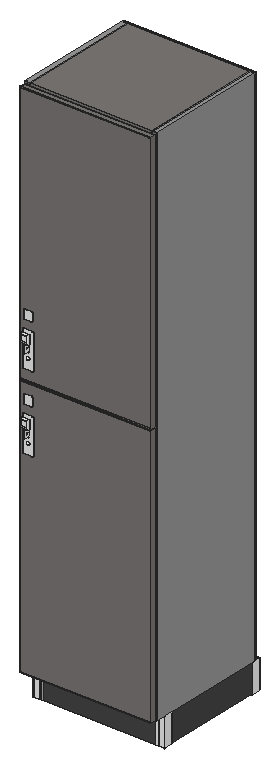
Revit family "Wood_Lockers_Hasps-Salsbury_Industries-18_42000_Series-1_Wide_Units", category Specialty Equipment, Revit 2026 (continued)
Definition of nested family "Premier Locker Doors_Hasp"
  Dimensions and locks (in)
    aligned and locked: Extrusion 15 to plane 22 "Front of Hasp Stud"
    aligned and locked: Extrusion 15 to plane 50 "Stud Alignment"
    aligned and locked: Blend 17 to plane 39 "Front of Knob"
    aligned and locked: plane 38 "Inner Knob" to Blend 17
    aligned and locked: plane 6 "Back of Door" to Extrusion 18 sketch curve
    aligned and locked: plane 56 "Front of Latch" to Extrusion 18 sketch curve
    aligned and locked: Extrusion 18 to plane 57
    aligned and locked: plane 58 to Extrusion 18
    aligned and locked: plane 59 to cut or joined group of Extrusion 18, Extrusion 19
    aligned and locked: Extrusion 13 sketch curve to plane 61  (x2)
    aligned and locked: Extrusion 13 sketch curve to plane 62  (x2)
  Automatic sketch dimensions
    Extrusion 1 sketch curve to plane 4 "Left Side of Door" = 0.031"
    plane 5 "Right Side of Door" to Extrusion 1 sketch curve = 0.031"
    level to Extrusion 1 sketch curve = 0.031"
    plane 9 "Top of Door" to Extrusion 1 sketch curve = 0.031"
    Extrusion 2 sketch curve to plane 4 "Left Side of Door" = 0.031"
    plane 5 "Right Side of Door" to Extrusion 2 sketch curve = 0.031"
    level to Extrusion 2 sketch curve = 0.031"
    plane 9 "Top of Door" to Extrusion 2 sketch curve = 0.031"
    Extrusion 3 sketch curve to plane 4 "Left Side of Door" = 0.031"
    plane 5 "Right Side of Door" to Extrusion 3 sketch curve = 0.031"
    level to Extrusion 3 sketch curve = 0.031"
    plane 9 "Top of Door" to Extrusion 3 sketch curve = 0.031"
    plane 23 "Left Side of Door-Right Side of Trim" to Sweep 4 sketch curve = 0.000"
    plane 24 "Right Side of Door-Left Side of Trim" to Sweep 4 sketch curve = 0.000"  (x2)
    Sweep 4 sketch curve to plane 26 "Bottom of Door-Top of Trim" = 0.000"
    Sweep 4 sketch curve to plane 25 "Top of Door-Bottom of Trim" = 0.000"
    profile plane to Sweep 4 sketch curve = 0.125"
    Sweep 4 sketch curve to Sweep 4 sketch curve = 0.031"
    Sweep 4 sketch curve to plane 1 "Center (Front/Back)" = 0.375"
    plane 1 "Center (Front/Back)" to Sweep 4 sketch curve = 0.375"
    Extrusion 7 sketch curve to plane 33 = 0.000"
    Extrusion 7 sketch curve to plane 34 = 0.000"
    plane 36 to Extrusion 8 sketch curve = 0.000"
    Extrusion 8 sketch curve to Extrusion 8 sketch curve = 0.500"
    plane 35 "Top Hinge" to Extrusion 8 sketch curve = 0.250"
    Extrusion 8 sketch curve to plane 35 "Top Hinge" = 0.250"
    plane 36 to Extrusion 9 sketch curve = 0.000"
    Extrusion 9 sketch curve to Extrusion 9 sketch curve = 0.500"
    plane 37 "Bottom Hinge" to Extrusion 9 sketch curve = 0.250"
    Extrusion 9 sketch curve to plane 37 "Bottom Hinge" = 0.250"
    plane 36 to Extrusion 10 sketch curve = 0.000"
    Extrusion 10 sketch curve to Extrusion 10 sketch curve = 0.500"
    curve 4 to level = 0.000"
    plane 4 "Left Side of Door" to curve 4 = 0.000"
    plane 5 "Right Side of Door" to curve 3 = 0.000"
    curve 3 to plane 9 "Top of Door" = 0.000"
    Extrusion 5 sketch curve to plane 13 "Left Side of Number Tag" = 0.000"
    Extrusion 5 sketch curve to plane 12 "Bottom of Number Tag" = 0.000"
    Extrusion 5 sketch curve to plane 11 "Top of Number Tag" = 0.000"
    Extrusion 5 sketch curve to plane 14 "Right Side of Number Tag" = 0.000"
    Extrusion 6 sketch curve to plane 13 "Left Side of Number Tag" = 0.000"
    Extrusion 6 sketch curve to plane 12 "Bottom of Number Tag" = 0.000"
    Extrusion 6 sketch curve to plane 11 "Top of Number Tag" = 0.000"
    Extrusion 6 sketch curve to plane 14 "Right Side of Number Tag" = 0.000"
    Extrusion 11 sketch curve to plane 13 "Left Side of Number Tag" = 0.125"
    Extrusion 10 sketch curve to plane 10 "Center of Door" = 0.250"
    plane 10 "Center of Door" to Extrusion 10 sketch curve = 0.250"
    Extrusion 11 sketch curve to plane 21 "Bottom of Lock" = 0.125"
    plane 13 "Left Side of Number Tag" to Extrusion 5 sketch curve = 0.14916"
    Extrusion 5 sketch curve to Extrusion 5 sketch curve = 0.14916"  (x2)
    plane 13 "Left Side of Number Tag" to Extrusion 6 sketch curve = 0.14916"
    Extrusion 6 sketch curve to plane 12 "Bottom of Number Tag" = 0.14916"
    plane 13 "Left Side of Number Tag" to Extrusion 11 sketch curve = 0.000"  (x2)
    Extrusion 5 sketch curve to plane 12 "Bottom of Number Tag" = 0.14916"
    Extrusion 6 sketch curve to plane 14 "Right Side of Number Tag" = 0.14916"  (x2)
    plane 14 "Right Side of Number Tag" to Extrusion 11 sketch curve = 0.000"  (x2)
    Extrusion 12 sketch curve to plane 17 "Left Side of Lock" = 0.000"
    plane 13 "Left Side of Number Tag" to Extrusion 12 sketch curve = 0.000"  (x2)
    plane 14 "Right Side of Number Tag" to Extrusion 12 sketch curve = 0.000"  (x2)
    Extrusion 12 sketch curve to plane 20 "Top of Lock" = 0.000"
    Extrusion 12 sketch curve to plane 18 "Right Side of Lock" = 0.000"
    Extrusion 12 sketch curve to plane 21 "Bottom of Lock" = 0.125"
    plane 15 "Horizontal Center of Number Tag" to Sweep 14 sketch curve = 0.000"
    Sweep 14 sketch curve to plane 50 "Stud Alignment" = 0.000"
    Sweep 14 sketch curve to plane 7 "Front of Door" = 0.000"
    Sweep 14 sketch curve to profile plane = 0.000"
    profile plane to Sweep 14 sketch curve = 0.00168"
    profile plane to Sweep 14 sketch curve = 0.156"
    Sweep 14 sketch curve to plane 7 "Front of Door" = 0.03275"
    Extrusion 15 sketch curve to Extrusion 15 sketch curve = 0.000"  (x2)
    Extrusion 15 sketch curve to plane 50 "Stud Alignment" = 0.000"
    plane 15 "Horizontal Center of Number Tag" to Extrusion 15 sketch curve = 0.000"
    plane 15 "Horizontal Center of Number Tag" to Extrusion 15 sketch curve = 0.010"
    plane 13 "Left Side of Number Tag" to Sweep 16 sketch curve = 0.000"
    plane 14 "Right Side of Number Tag" to Sweep 16 sketch curve = 0.000"
    Sweep 16 sketch curve to plane 45 = 0.000"
    Sweep 16 sketch curve to plane 42 = 0.000"
    Sweep 16 sketch curve to plane 7 "Front of Door" = 0.000"
    profile plane to Sweep 16 sketch curve = 0.000"
    profile plane to Sweep 16 sketch curve = 0.22043"
    Sweep 16 sketch curve to Sweep 16 sketch curve = 0.01681"
    profile plane to Sweep 16 sketch curve = 0.33926"
    Sweep 16 sketch curve to Sweep 16 sketch curve = 0.14344"
    Sweep 16 sketch curve to Sweep 16 sketch curve = 0.15329"
    Sweep 16 sketch curve to Sweep 16 sketch curve = 0.59563"
    Sweep 16 sketch curve to Sweep 16 sketch curve = 0.24142"
    Sweep 16 sketch curve to Sweep 16 sketch curve = 0.00858"
    Sweep 16 sketch curve to Sweep 16 sketch curve = 0.51788"
    Sweep 16 sketch curve to Sweep 16 sketch curve = 0.31119"
    Sweep 16 sketch curve to Sweep 16 sketch curve = 0.11721"
    Sweep 16 sketch curve to Sweep 16 sketch curve = 0.01742"
    Sweep 16 sketch curve to Sweep 16 sketch curve = 0.06553"
    Sweep 16 sketch curve to Sweep 16 sketch curve = 0.000"
    Blend 17 sketch curve to plane 54 = 0.000"
    Blend 17 sketch curve to plane 55 = 0.000"
    Blend 17 sketch curve to plane 47 = 0.21496"
    plane 48 to Blend 17 sketch curve = 0.21496"
    plane 54 to Blend 17 sketch curve = 0.03267"
    Blend 17 sketch curve to plane 40 = 0.00461"
    Blend 17 sketch curve to plane 47 = 0.18235"
    plane 48 to Blend 17 sketch curve = 0.18227"
    Extrusion 18 sketch curve to plane 57 = 0.000"
    Extrusion 18 sketch curve to plane 58 = 0.000"
    plane 59 to Extrusion 19 sketch curve = 0.000"
    Extrusion 19 sketch curve to plane 22 "Front of Hasp Stud" = 0.16637"
    curve 29 to plane 14 "Right Side of Number Tag" = 0.000"
    curve 29 to plane 20 "Top of Lock" = 0.000"
    curve 30 to plane 18 "Right Side of Lock" = 0.000"
    curve 29 to plane 13 "Left Side of Number Tag" = 0.000"
    curve 31 to plane 42 = 0.000"
    curve 32 to plane 21 "Bottom of Lock" = 0.125"
    curve 34 to plane 14 "Right Side of Number Tag" = 0.000"
    curve 35 to plane 13 "Left Side of Number Tag" = 0.000"
    plane 15 "Horizontal Center of Number Tag" to curve 37 = 0.000"
    plane 47 to curve 37 = 0.000"
    plane 57 to curve 37 = 0.0599"
    curve 39 to plane 58 = 0.0661"
    curve 42 to plane 14 "Right Side of Number Tag" = 0.000"
    curve 41 to plane 13 "Left Side of Number Tag" = 0.000"
    curve 41 to plane 45 = 0.000"
    curve 43 to plane 42 = 0.000"
    curve 46 to plane 57 = 0.000"
    curve 46 to plane 15 "Horizontal Center of Number Tag" = 0.063"
    plane 15 "Horizontal Center of Number Tag" to curve 45 = 0.063"
    curve 47 to plane 58 = 0.000"
    curve 15 to plane 6 "Back of Door" = 0.000"
    plane 9 "Top of Door" to curve 15 = 0.000"
    plane 57 to curve 49 = 0.000"
    curve 51 to plane 56 "Front of Latch" = 0.000"
    plane 58 to curve 51 = 0.000"
    curve 17 to level = 0.000"
    plane 59 to curve 52 = 0.000"
    curve 53 to plane 22 "Front of Hasp Stud" = 0.16637"
    plane 7 "Front of Door" to curve 53 = 0.04137"
    plane 53 to curve 54 = 0.05633"
    curve 54 to plane 22 "Front of Hasp Stud" = 0.11642"
    plane 55 to curve 55 = 0.00161"
    curve 55 to plane 40 = 0.00465"
    plane 45 to curve 56 = 0.000"
    curve 56 to plane 39 "Front of Knob" = 0.01788"
    curve 56 to plane 40 = 0.08926"
    plane 55 to curve 57 = 0.000"
    curve 57 to plane 40 = 0.03757"
    plane 39 "Front of Knob" to curve 57 = 0.004"
    plane 42 to curve 60 = 0.000"
    curve 58 to plane 39 "Front of Knob" = 0.000"
    plane 54 to curve 58 = 0.000"
    plane 54 to curve 59 = 0.000"
    plane 55 to curve 58 = 0.000"
    curve 60 to plane 39 "Front of Knob" = 0.01788"
    curve 60 to plane 52 = 0.09774"
    plane 54 to curve 60 = 0.03261"
    plane 56 "Front of Latch" to curve 59 = 0.02711"
    plane 54 to curve 59 = 0.06553"
    plane 39 "Front of Knob" to curve 59 = 0.004"
    curve 61 to plane 54 = 0.00161"
    curve 61 to plane 22 "Front of Hasp Stud" = 0.11642"
    plane 6 "Back of Door" to curve 9 = 0.000"
    curve 6 to plane 4 "Left Side of Door" = 0.000"
    plane 7 "Front of Door" to curve 6 = 0.000"
    plane 7 "Front of Door" to curve 28 = 0.000"
    curve 67 to plane 14 "Right Side of Number Tag" = 0.000"
    curve 65 to plane 13 "Left Side of Number Tag" = 0.000"
    curve 66 to plane 39 "Front of Knob" = 0.000"
    curve 28 to plane 17 "Left Side of Lock" = 0.000"
    curve 28 to plane 18 "Right Side of Lock" = 0.000"
    curve 8 to plane 5 "Right Side of Door" = 0.000"
    curve 64 to plane 22 "Front of Hasp Stud" = 0.11642"
    curve 69 to plane 22 "Front of Hasp Stud" = 0.11642"
    curve 68 to plane 39 "Front of Knob" = 0.01788"
    curve 65 to plane 39 "Front of Knob" = 0.01788"
    curve 14 to plane 23 "Left Side of Door-Right Side of Trim" = 0.07537"
    plane 48 to curve 64 = 0.21657"
    plane 48 to curve 65 = 0.09774"
    plane 48 to curve 63 = 0.05633"
    curve 70 to plane 47 = 0.05633"
    curve 68 to plane 47 = 0.09774"
    curve 69 to curve 69 = 0.16024"
    curve 64 to curve 65 = 0.15655"
    curve 69 to curve 68 = 0.15655"
    plane 39 "Front of Knob" to curve 67 = 0.004"
    plane 33 to curve 14 = 0.250"
    curve 66 to curve 65 = 0.11721"
    curve 67 to plane 47 = 0.14943"
    curve 68 to curve 66 = 0.11721"
    curve 67 to curve 66 = 0.000"
    plane 39 "Front of Knob" to curve 71 = 0.004"
    curve 71 to curve 66 = 0.000"
    plane 48 to curve 71 = 0.14943"
    plane 1 "Center (Front/Back)" to curve 73 = 0.000"
    curve 73 to plane 4 "Left Side of Door" = 0.000"
    curve 73 to plane 60 = 0.000"
    plane 48 to Extrusion 13 sketch curve = 0.000"
    plane 15 "Horizontal Center of Number Tag" to Extrusion 13 sketch curve = 0.000"
    radius of Extrusion 7 sketch curve = 0.250"
    radius of Sweep 14 sketch curve = 0.010"
    radius of Extrusion 19 sketch curve = 0.250"
Definition of nested family "Wood Locker Bases"
  Parameters (values of type "Base - 18" W x 18" D Lockers")
    Width = 18.000"
    Visible Base = yes
    Visible = no
    Model = "Base - 18\" W x 18\" D Lockers"
    Manufacturer = "Salsbury Industries"
    Height = 4.000"
    Depth = 16.250"
    Default Elevation = 0.000"
    Base Secondary Material = none
    Base Primary Materials = none
    Base Hardware = none
  Types (8): name | Width | Visible Base | Visible | Model | Depth
    (no name) | 18.000" | yes | no | "Base - 18\" W x 18\" D Lockers" | 16.250"
    Base - 18" W x 18" D Lockers | 18.000" | yes | no | "Base - 18\" W x 18\" D Lockers" | 16.250"
    Base - 18" W x 21" D Lockers | 18.000" | yes | no | "Base - 18\" W x 21\" D Lockers" | 19.250"
    Base - 18" W x 24" D Lockers | 18.000" | yes | no | "Base - 18\" W x 24\" D Lockers" | 22.250"
    Base - 54" W x 18" D Lockers | 54.000" | yes | yes | "Base - 54\" W x 18\" D Lockers" | 16.250"
    Base - 54" W x 21" D Lockers | 54.000" | yes | yes | "Base - 54\" W x 21\" D Lockers" | 19.250"
    Base - 54" W x 24" D Lockers | 54.000" | yes | yes | "Base - 54\" W x 24\" D Lockers" | 22.250"
    None | 12.000" | no | no | "Base - 12\" W x 15\" D Lockers" | 13.250"
  Reference planes (in)
    plane 1 "Center (Front/Back)": y = 0
    plane 2: z = 0
    plane 3 "Center (Left/Right)": x = 0
    plane 4 "Left Edge": x = -9
    plane 5 "Right Edge": x = 9
    plane 6 "Back Edge": y = 8.125
    plane 7 "Front Edge": y = -8.125
    plane 8 "Bottom Edge": z = 0
    plane 9 "Top Edge": z = 4
    plane 10: x = -7.75
    plane 11: x = -7.102
    plane 12: y = 8.062
    plane 13: y = 7.3
    plane 14: x = -8.131
    plane 15: x = -8.256
    plane 16: x = -8.937
    plane 17: x = -8.175
    plane 18: y = 6.227
    plane 19: y = 6.875
    plane 20: y = 7.256
    plane 21: y = 7.381
    plane 22: x = -8.931
    plane 23: x = 8.931
    plane 24: y = 8.056
    plane 25: y = -8.056
    plane 26: y = 8.025
    plane 27: y = -8.025
    plane 28: x = -8.9
    plane 29: x = 8.9
    plane 30: x = -2.375
    plane 31: x = 2.375
  Forms (in)
    Extrusion 1, solid, material <- "Base Hardware", visible <- "Visible Base"
      sketch origin (0, 0, 0) x (1, 0, 0) y (0, 1, 0)
        loop
          arc (-8.96712, 8.125) -> (-8.99098, 8.11598) -> (-9, 8.09212) r 0.031
          line (-9, 8.09212) -> (-9, 6.9065)
          arc (-9, 6.9065) -> (-8.9685, 6.875) -> (-8.937, 6.9065) r 0.0315
          line (-8.937, 6.9065) -> (-8.937, 7.256) -> (-8.837, 7.256) -> (-8.837, 7.319) -> (-8.937, 7.319) -> (-8.937, 8.01465) -> (-8.256, 7.33365) -> (-8.256, 7.256) -> (-8.175, 7.256) -> (-8.175, 6.25833)
          arc (-8.175, 6.25833) -> (-8.14367, 6.227) -> (-8.11235, 6.25833) r 0.03133
          line (-8.11235, 6.25833) -> (-8.11235, 7.23703) -> (-7.13348, 7.23703)
          arc (-7.13348, 7.23703) -> (-7.102, 7.26852) -> (-7.13348, 7.3) r 0.03148
          line (-7.13348, 7.3) -> (-8.131, 7.3) -> (-8.131, 7.381) -> (-8.21422, 7.381) -> (-8.89522, 8.062) -> (-8.194, 8.062) -> (-8.194, 7.962) -> (-8.131, 7.962) -> (-8.131, 8.062) -> (-7.7814, 8.062)
          arc (-7.7814, 8.062) -> (-7.7499, 8.0935) -> (-7.7814, 8.125) r 0.0315
          line (-7.7814, 8.125) -> (-8.96712, 8.125)
      from 0 to 4
    Extrusion 2, solid, material <- "Base Hardware", visible <- "Visible Base"
      sketch origin (0, 0, 0) x (-1, 0, 0) y (0, -1, 0)
        loop
          line (-8.96712, -8.125) -> (-7.7814, -8.125)
          arc (-7.7814, -8.125) -> (-7.7499, -8.0935) -> (-7.7814, -8.062) r 0.0315
          line (-7.7814, -8.062) -> (-8.131, -8.062) -> (-8.131, -7.962) -> (-8.194, -7.962) -> (-8.194, -8.062) -> (-8.89522, -8.062) -> (-8.21422, -7.381) -> (-8.131, -7.381) -> (-8.131, -7.3) -> (-7.13348, -7.3)
          arc (-7.13348, -7.3) -> (-7.102, -7.26852) -> (-7.13348, -7.23703) r 0.03148
          line (-7.13348, -7.23703) -> (-8.11235, -7.23703) -> (-8.11235, -6.25833)
          arc (-8.11235, -6.25833) -> (-8.14367, -6.227) -> (-8.175, -6.25833) r 0.03133
          line (-8.175, -6.25833) -> (-8.175, -7.256) -> (-8.256, -7.256) -> (-8.256, -7.33365) -> (-8.937, -8.01465) -> (-8.937, -7.319) -> (-8.837, -7.319) -> (-8.837, -7.256) -> (-8.937, -7.256) -> (-8.937, -6.9065)
          arc (-8.937, -6.9065) -> (-8.9685, -6.875) -> (-9, -6.9065) r 0.0315
          line (-9, -6.9065) -> (-9, -8.09212)
          arc (-9, -8.09212) -> (-8.99098, -8.11598) -> (-8.96712, -8.125) r 0.031
      from 0 to 4
    Extrusion 3, solid, material <- "Base Hardware", visible <- "Visible Base"
      sketch origin (0, 0, 0) x (1, 0, 0) y (0, 1, 0)
        loop
          line (-8.96712, -8.125) -> (-7.7814, -8.125)
          arc (-7.7814, -8.125) -> (-7.7499, -8.0935) -> (-7.7814, -8.062) r 0.0315
          line (-7.7814, -8.062) -> (-8.131, -8.062) -> (-8.131, -7.962) -> (-8.194, -7.962) -> (-8.194, -8.062) -> (-8.89522, -8.062) -> (-8.21422, -7.381) -> (-8.131, -7.381) -> (-8.131, -7.3) -> (-7.13348, -7.3)
          arc (-7.13348, -7.3) -> (-7.102, -7.26852) -> (-7.13348, -7.23703) r 0.03148
          line (-7.13348, -7.23703) -> (-8.11235, -7.23703) -> (-8.11235, -6.25833)
          arc (-8.11235, -6.25833) -> (-8.14367, -6.227) -> (-8.175, -6.25833) r 0.03133
          line (-8.175, -6.25833) -> (-8.175, -7.256) -> (-8.256, -7.256) -> (-8.256, -7.33365) -> (-8.937, -8.01465) -> (-8.937, -7.319) -> (-8.837, -7.319) -> (-8.837, -7.256) -> (-8.937, -7.256) -> (-8.937, -6.9065)
          arc (-8.937, -6.9065) -> (-8.9685, -6.875) -> (-9, -6.9065) r 0.0315
          line (-9, -6.9065) -> (-9, -8.09212)
          arc (-9, -8.09212) -> (-8.99098, -8.11598) -> (-8.96712, -8.125) r 0.031
      from 0 to 4
    Extrusion 4, solid, material <- "Base Hardware", visible <- "Visible Base"
      sketch origin (0, 0, 0) x (-1, 0, 0) y (0, -1, 0)
        loop
          arc (-8.96712, 8.125) -> (-8.99098, 8.11598) -> (-9, 8.09212) r 0.031
          line (-9, 8.09212) -> (-9, 6.9065)
          arc (-9, 6.9065) -> (-8.9685, 6.875) -> (-8.937, 6.9065) r 0.0315
          line (-8.937, 6.9065) -> (-8.937, 7.256) -> (-8.837, 7.256) -> (-8.837, 7.319) -> (-8.937, 7.319) -> (-8.937, 8.01465) -> (-8.256, 7.33365) -> (-8.256, 7.256) -> (-8.175, 7.256) -> (-8.175, 6.25833)
          arc (-8.175, 6.25833) -> (-8.14367, 6.227) -> (-8.11235, 6.25833) r 0.03133
          line (-8.11235, 6.25833) -> (-8.11235, 7.23703) -> (-7.13348, 7.23703)
          arc (-7.13348, 7.23703) -> (-7.102, 7.26852) -> (-7.13348, 7.3) r 0.03148
          line (-7.13348, 7.3) -> (-8.131, 7.3) -> (-8.131, 7.381) -> (-8.21422, 7.381) -> (-8.89522, 8.062) -> (-8.194, 8.062) -> (-8.194, 7.962) -> (-8.131, 7.962) -> (-8.131, 8.062) -> (-7.7814, 8.062)
          arc (-7.7814, 8.062) -> (-7.7499, 8.0935) -> (-7.7814, 8.125) r 0.0315
          line (-7.7814, 8.125) -> (-8.96712, 8.125)
      from 0 to 4
    Extrusion 5, solid, material <- "Base Secondary Material", visible <- "Visible Base"
      sketch origin (0, 0, 0) x (0, -1, 0) y (1, 0, 0)
        loop
          line (-7.256, 8.9) -> (-7.256, 8.181) -> (7.25697, 8.181) -> (7.25697, 8.9) -> (-7.256, 8.9)
      from 0 to 4
    Extrusion 6, solid, material <- "Base Secondary Material", visible <- "Visible Base"
      sketch origin (0, 0, 0) x (0, -1, 0) y (1, 0, 0)
        loop
          line (-7.256, -8.9) -> (7.25697, -8.9) -> (7.25697, -8.181) -> (-7.256, -8.181) -> (-7.256, -8.9)
      from 0 to 4
    Extrusion 7, solid, material <- "Base Secondary Material", visible <- "Visible Base"
      sketch origin (-2.05521, 0.625, 0) x (1, 0, 0) y (0, 1, 0)
        loop
          line (-6.07579, 7.4) -> (-6.07579, 6.681) -> (10.18621, 6.681) -> (10.18621, 7.4) -> (-6.07579, 7.4)
      from 0 to 4
    Extrusion 8, solid, material <- "Base Secondary Material", visible <- "Visible Base"
      sketch origin (-2.05521, -0.625, 0) x (1, 0, 0) y (0, 1, 0)
        loop
          line (-6.07579, -7.4) -> (10.18621, -7.4) -> (10.18621, -6.681) -> (-6.07579, -6.681) -> (-6.07579, -7.4)
      from 0 to 4
    Extrusion 9, solid, material <- "Base Primary Materials", visible <- "Visible Base"
      sketch origin (0.76452, 0, 0) x (0, -1, 0) y (1, 0, 0)
        loop
          line (-7.256, 8.16648) -> (-7.256, 8.13548) -> (7.25697, 8.13548) -> (7.25697, 8.16648) -> (-7.256, 8.16648)
      from 0 to 4
    Extrusion 10, solid, material <- "Base Primary Materials", visible <- "Visible Base"
      sketch origin (-0.719, 0, 0) x (0, -1, 0) y (1, 0, 0)
        loop
          line (-7.256, -8.212) -> (7.25697, -8.212) -> (7.25697, -8.181) -> (-7.256, -8.181) -> (-7.256, -8.212)
      from 0 to 4
    Extrusion 11, solid, material <- "Base Primary Materials", visible <- "Visible Base"
      sketch origin (-2.05521, 1.344, 0) x (1, 0, 0) y (0, 1, 0)
        loop
          line (-6.07579, 6.718) -> (-6.07579, 6.681) -> (10.18621, 6.681) -> (10.18621, 6.718) -> (-6.07579, 6.718)
      from 0 to 4
    Extrusion 12, solid, material <- "Base Primary Materials", visible <- "Visible Base"
      sketch origin (-2.05521, -1.344, 0) x (1, 0, 0) y (0, 1, 0)
        loop
          line (-6.07579, -6.712) -> (10.18621, -6.712) -> (10.18621, -6.681) -> (-6.07579, -6.681) -> (-6.07579, -6.712)
      from 0 to 4
    Extrusion 13, solid, material <- "Base Secondary Material", visible <- "Visible"
      sketch origin (0, 0, 4) x (0, -1, 0) y (1, 0, 0)
        loop
          line (-7.306, -2.375) -> (7.306, -2.375) -> (7.306, 2.375) -> (-7.306, 2.375) -> (-7.306, -2.375)
      from 0 to -0.75
    Extrusion 14, solid, material <- "Base Secondary Material", visible <- "Visible"
      sketch origin (0, 0, 0) x (0, -1, 0) y (1, 0, 0)
        loop
          line (-7.306, -2.375) -> (-6.556, -2.375) -> (-6.556, 2.375) -> (-7.306, 2.375) -> (-7.306, -2.375)
      from 0 to 3.25
    Extrusion 15, solid, material <- "Base Secondary Material", visible <- "Visible"
      sketch origin (0, 0, 0) x (0, 1, 0) y (-1, 0, 0)
        loop
          line (-7.306, 2.375) -> (-7.306, -2.375) -> (-6.556, -2.375) -> (-6.556, 2.375) -> (-7.306, 2.375)
      from 0 to 3.25
  Dimensions and locks (in)
    equal spacing: plane 4 "Left Edge", plane 3 "Center (Left/Right)", plane 5 "Right Edge"
    "Width": plane 4 "Left Edge" to plane 5 "Right Edge"
    equal spacing: plane 7 "Front Edge", plane 1 "Center (Front/Back)", plane 6 "Back Edge"
    "Depth": plane 7 "Front Edge" to plane 6 "Back Edge"
    "Height": plane 9 "Top Edge" to plane 8 "Bottom Edge"
    locked: plane 4 "Left Edge" to plane 10 at 1.25
    locked: plane 4 "Left Edge" to plane 11 at 1.898
    locked: plane 12 to plane 6 "Back Edge" at 0.063
    plane 14 to plane 10 = 0.381"
    locked: plane 12 to plane 13 at 0.762
    locked: plane 4 "Left Edge" to plane 16 at 0.063
    locked: plane 16 to plane 17 at 0.762
    locked: plane 19 to plane 6 "Back Edge" at 1.25
    locked: plane 18 to plane 6 "Back Edge" at 1.898
    plane 15 to plane 17 = 0.081"
    plane 21 to plane 13 = 0.081"
    plane 19 to plane 20 = 0.381"
    plane 24 to plane 6 "Back Edge" = 0.069"
    plane 7 "Front Edge" to plane 25 = 0.069"
    plane 23 to plane 5 "Right Edge" = 0.069"
    plane 4 "Left Edge" to plane 22 = 0.069"
    plane 26 to plane 24 = 0.031"
    plane 25 to plane 27 = 0.031"
    plane 22 to plane 28 = 0.031"
    plane 29 to plane 23 = 0.031"
    plane 30 to plane 3 "Center (Left/Right)" to plane 31 = 2.375" locked, 2.375" locked
    aligned and locked: level to plane 2
    aligned and locked: plane 30 to Extrusion 13
    aligned and locked: plane 30 to Extrusion 14
    aligned and locked: plane 30 to Extrusion 15
    aligned and locked: Extrusion 13 to plane 31
    aligned and locked: Extrusion 14 to plane 31
    aligned and locked: Extrusion 15 to plane 31
  Automatic sketch dimensions
    Extrusion 1 sketch curve to plane 4 "Left Edge" = 0.000"
    plane 6 "Back Edge" to Extrusion 1 sketch curve = 0.000"
    Extrusion 1 sketch curve to plane 16 = 0.000"  (x2)
    Extrusion 1 sketch curve to plane 12 = 0.000"  (x2)
    plane 20 to Extrusion 1 sketch curve = 0.000"  (x2)
    Extrusion 1 sketch curve to plane 15 = 0.000"
    plane 21 to Extrusion 1 sketch curve = 0.000"
    Extrusion 1 sketch curve to plane 17 = 0.000"
    Extrusion 1 sketch curve to plane 14 = 0.000"  (x2)
    Extrusion 1 sketch curve to plane 13 = 0.000"
    Extrusion 1 sketch curve to plane 4 "Left Edge" = 0.03094"
    plane 16 to Extrusion 1 sketch curve = 0.03012"
    Extrusion 1 sketch curve to plane 28 = 0.00478"
    Extrusion 1 sketch curve to plane 28 = 0.063"
    plane 17 to Extrusion 1 sketch curve = 0.03922"
    plane 17 to Extrusion 1 sketch curve = 0.019"
    plane 14 to Extrusion 1 sketch curve = 0.01267"
    plane 10 to Extrusion 1 sketch curve = 0.0314"
    plane 11 to Extrusion 1 sketch curve = 0.03148"
    plane 20 to Extrusion 1 sketch curve = 0.01897"
    Extrusion 1 sketch curve to plane 19 = 0.0315"
    Extrusion 1 sketch curve to plane 18 = 0.03133"
    plane 13 to Extrusion 1 sketch curve = 0.019"
    plane 13 to Extrusion 1 sketch curve = 0.03365"
    plane 26 to Extrusion 1 sketch curve = 0.063"
    plane 26 to Extrusion 1 sketch curve = 0.01035"
    plane 12 to Extrusion 1 sketch curve = 0.03012"
    Extrusion 2 sketch curve to plane 5 "Right Edge" = 0.000"
    plane 6 "Back Edge" to Extrusion 2 sketch curve = 0.000"
    plane 20 to Extrusion 2 sketch curve = 0.000"  (x2)
    plane 12 to Extrusion 2 sketch curve = 0.000"  (x2)
    plane 21 to Extrusion 2 sketch curve = 0.000"
    plane 13 to Extrusion 2 sketch curve = 0.000"
    Extrusion 2 sketch curve to plane 5 "Right Edge" = 0.03094"
    Extrusion 2 sketch curve to Extrusion 2 sketch curve = 0.0315"
    Extrusion 2 sketch curve to Extrusion 2 sketch curve = 0.00194"
    plane 23 to Extrusion 2 sketch curve = 0.006"
    Extrusion 2 sketch curve to plane 29 = 0.00478"
    Extrusion 2 sketch curve to plane 29 = 0.063"
    Extrusion 2 sketch curve to plane 13 = 0.03365"
    Extrusion 2 sketch curve to Extrusion 2 sketch curve = 0.581"
    Extrusion 2 sketch curve to Extrusion 2 sketch curve = 0.04178"
    Extrusion 2 sketch curve to plane 26 = 0.063"
    Extrusion 2 sketch curve to Extrusion 2 sketch curve = 0.02022"
    plane 18 to Extrusion 2 sketch curve = 0.03133"
    Extrusion 2 sketch curve to plane 29 = 0.725"
    Extrusion 2 sketch curve to Extrusion 2 sketch curve = 0.03133"
    Extrusion 2 sketch curve to Extrusion 2 sketch curve = 0.063"
    Extrusion 2 sketch curve to Extrusion 2 sketch curve = 0.08322"
    Extrusion 2 sketch curve to Extrusion 2 sketch curve = 0.3496"
    Extrusion 2 sketch curve to Extrusion 2 sketch curve = 0.97886"
    plane 19 to Extrusion 2 sketch curve = 0.0315"
    Extrusion 2 sketch curve to plane 20 = 0.01897"
    Extrusion 2 sketch curve to plane 13 = 0.019"
    Extrusion 2 sketch curve to plane 26 = 0.01035"
    Extrusion 2 sketch curve to plane 12 = 0.03012"
    Extrusion 3 sketch curve to plane 4 "Left Edge" = 0.000"
    plane 7 "Front Edge" to Extrusion 3 sketch curve = 0.000"
    Extrusion 3 sketch curve to plane 16 = 0.000"  (x2)
    Extrusion 3 sketch curve to plane 15 = 0.000"
    Extrusion 3 sketch curve to plane 17 = 0.000"
    Extrusion 3 sketch curve to plane 14 = 0.000"  (x2)
    plane 4 "Left Edge" to Extrusion 3 sketch curve = 0.03094"
    Extrusion 3 sketch curve to plane 16 = 0.03012"
    plane 28 to Extrusion 3 sketch curve = 0.00478"
    plane 28 to Extrusion 3 sketch curve = 0.063"
    Extrusion 3 sketch curve to plane 17 = 0.03922"
    Extrusion 3 sketch curve to plane 17 = 0.019"
    Extrusion 3 sketch curve to plane 14 = 0.01267"
    Extrusion 3 sketch curve to plane 25 = 0.006"  (x2)
    Extrusion 3 sketch curve to plane 10 = 0.0314"
    Extrusion 3 sketch curve to plane 11 = 0.03148"
    plane 27 to Extrusion 3 sketch curve = 0.01035"
    plane 27 to Extrusion 3 sketch curve = 0.063"
    Extrusion 3 sketch curve to Extrusion 3 sketch curve = 0.581"
    Extrusion 3 sketch curve to Extrusion 3 sketch curve = 0.04735"
    Extrusion 3 sketch curve to Extrusion 3 sketch curve = 0.01465"
    Extrusion 3 sketch curve to Extrusion 3 sketch curve = 0.081"
    Extrusion 3 sketch curve to Extrusion 3 sketch curve = 0.03148"
    Extrusion 3 sketch curve to Extrusion 3 sketch curve = 0.044"
    Extrusion 3 sketch curve to Extrusion 3 sketch curve = 0.063"
    Extrusion 3 sketch curve to Extrusion 3 sketch curve = 0.3495"
    Extrusion 3 sketch curve to Extrusion 3 sketch curve = 0.97871"
    plane 7 "Front Edge" to Extrusion 3 sketch curve = 0.03288"
    Extrusion 4 sketch curve to plane 5 "Right Edge" = 0.000"
    plane 7 "Front Edge" to Extrusion 4 sketch curve = 0.000"
    plane 5 "Right Edge" to Extrusion 4 sketch curve = 0.03094"
    Extrusion 4 sketch curve to Extrusion 4 sketch curve = 0.0315"
    Extrusion 4 sketch curve to Extrusion 4 sketch curve = 0.00194"
    Extrusion 4 sketch curve to plane 23 = 0.006"
    plane 29 to Extrusion 4 sketch curve = 0.00478"
    plane 29 to Extrusion 4 sketch curve = 0.063"
    Extrusion 4 sketch curve to Extrusion 4 sketch curve = 0.581"
    Extrusion 4 sketch curve to Extrusion 4 sketch curve = 0.04178"
    Extrusion 4 sketch curve to plane 27 = 0.063"
    Extrusion 4 sketch curve to Extrusion 4 sketch curve = 0.02022"
    plane 29 to Extrusion 4 sketch curve = 0.725"
    Extrusion 4 sketch curve to Extrusion 4 sketch curve = 0.03133"
    Extrusion 4 sketch curve to Extrusion 4 sketch curve = 0.063"  (x2)
    Extrusion 4 sketch curve to Extrusion 4 sketch curve = 0.08322"
    plane 25 to Extrusion 4 sketch curve = 0.006"  (x2)
    Extrusion 4 sketch curve to Extrusion 4 sketch curve = 0.3496"
    Extrusion 4 sketch curve to plane 27 = 0.725"
    Extrusion 4 sketch curve to Extrusion 4 sketch curve = 0.97886"
    Extrusion 4 sketch curve to Extrusion 4 sketch curve = 0.03148"
    Extrusion 4 sketch curve to Extrusion 4 sketch curve = 0.044"
    Extrusion 4 sketch curve to Extrusion 4 sketch curve = 0.000"
    Extrusion 4 sketch curve to Extrusion 4 sketch curve = 0.3495"
    Extrusion 4 sketch curve to Extrusion 4 sketch curve = 0.97871"
    Extrusion 4 sketch curve to Extrusion 4 sketch curve = 0.07765"
    Extrusion 4 sketch curve to Extrusion 4 sketch curve = 0.081"
    Extrusion 4 sketch curve to plane 27 = 0.01035"
    Extrusion 4 sketch curve to plane 7 "Front Edge" = 0.03288"
    plane 20 to Extrusion 5 sketch curve = 0.000"
    Extrusion 5 sketch curve to plane 29 = 0.000"
    Extrusion 5 sketch curve to plane 27 = 0.76803"
    plane 29 to Extrusion 5 sketch curve = 0.719"
    plane 20 to Extrusion 6 sketch curve = 0.000"
    Extrusion 6 sketch curve to plane 28 = 0.000"
    plane 27 to Extrusion 6 sketch curve = 0.76803"
    Extrusion 6 sketch curve to plane 17 = 0.006"
    Extrusion 7 sketch curve to plane 14 = 0.000"
    plane 26 to Extrusion 7 sketch curve = 0.000"
    plane 29 to Extrusion 7 sketch curve = 0.769"
    plane 13 to Extrusion 7 sketch curve = 0.006"
    Extrusion 8 sketch curve to plane 14 = 0.000"
    plane 27 to Extrusion 8 sketch curve = 0.000"
    Extrusion 8 sketch curve to plane 29 = 0.769"
    plane 27 to Extrusion 8 sketch curve = 0.719"
    plane 20 to Extrusion 9 sketch curve = 0.000"
    Extrusion 9 sketch curve to plane 23 = 0.000"
    Extrusion 9 sketch curve to plane 29 = 0.000"
    Extrusion 9 sketch curve to plane 27 = 0.76803"
    plane 20 to Extrusion 10 sketch curve = 0.000"
    Extrusion 10 sketch curve to plane 22 = 0.000"
    Extrusion 10 sketch curve to plane 28 = 0.000"
    plane 27 to Extrusion 10 sketch curve = 0.76803"
    Extrusion 11 sketch curve to plane 14 = 0.000"
    plane 12 to Extrusion 11 sketch curve = 0.000"
    plane 26 to Extrusion 11 sketch curve = 0.000"
    plane 29 to Extrusion 11 sketch curve = 0.769"
    Extrusion 12 sketch curve to plane 14 = 0.000"
    plane 25 to Extrusion 12 sketch curve = 0.000"
    plane 27 to Extrusion 12 sketch curve = 0.000"
    Extrusion 12 sketch curve to plane 29 = 0.769"
    plane 13 to Extrusion 13 sketch curve = 0.006"
    Extrusion 13 sketch curve to plane 27 = 0.719"
    Extrusion 13 sketch curve to plane 11 = 4.727"
    plane 3 "Center (Left/Right)" to Extrusion 13 sketch curve = 2.375"
    plane 13 to Extrusion 14 sketch curve = 0.006"
    plane 19 to Extrusion 14 sketch curve = 0.319"
    Extrusion 14 sketch curve to plane 11 = 4.727"
    plane 3 "Center (Left/Right)" to Extrusion 14 sketch curve = 2.375"
    plane 27 to Extrusion 15 sketch curve = 0.719"
    Extrusion 15 sketch curve to Extrusion 15 sketch curve = 0.750"
    plane 11 to Extrusion 15 sketch curve = 4.727"
    Extrusion 15 sketch curve to plane 3 "Center (Left/Right)" = 2.375"
Definition of nested family "Wood Locker Sloping Hoods"
  Parameters (values of type "44257 - for 24" Deep Lockers (3 Wide)")
    Width = 45.000"
    Visible = yes
    Version = "1.0 (12/15/23)"
    Type Comments = "Sloping Hood for Premier Wod Lockers"
    Model = "44257"
    Manufacturer = "Salsbury Industries"
    Laminate Surface = none
    Height = 9.118"
    Description = "For 24\" D - 3 Wide Lockers"
    Depth = 23.625"
    Default Elevation = 0.000"
  Types (20): name | Width | Visible | Version | Type Comments | Model | Manufacturer | Height | Description | Depth
    (no name) | 45.000" | yes | "1.0 (12/15/23)" | "Sloping Hood for Premier Wod Lockers" | "44257" | "Salsbury Industries" | 9.118" | "For 24\" D - 3 Wide Lockers" | 23.625"
    44357 - for 15" Deep Lockers (1 Wide) | 12.000" | yes | "1.0 (12/15/23)" | "Sloping Hood for Premier Wood Lockers" | "44357" | "Salsbury Industries" | 5.743" | "For 15\" D - 1 Wide Lockers" | 14.625"
    44353 - for 18" Deep Lockers (1 Wide) | 12.000" | yes | "1.0 (12/15/23)" | "Sloping Hood for Premier Wood Lockers" | "44353" | "Salsbury Industries" | 6.868" | "For 18\" D - 1 Wide Lockers" | 17.625"
    44352 - for 21" Deep Lockers (1 Wide) | 12.000" | yes | "1.0 (12/15/23)" | "Sloping Hood for Premier Wood Lockers" | "44352" | "Salsbury Industries" | 7.993" | "For 21\" D - 1 Wide Lockers" | 20.625"
    44359 - for 15" Deep Lockers (3 Wide) | 36.000" | yes | "1.0 (12/15/23)" | "Sloping Hood for Premier Wood Lockers" | "44359" | "Salsbury Industries" | 5.743" | "For 15\" D - 3 Wide Lockers" | 14.625"
    44356 - for 18" Deep Lockers (3 Wide) | 36.000" | yes | "1.0 (12/15/23)" | "Sloping Hood for Premier Wood Lockers" | "44356" | "Salsbury Industries" | 6.868" | "For 18\" D - 3 Wide Lockers" | 17.625"
    44354 - for 21" Deep Lockers (3 Wide) | 36.000" | yes | "1.0 (12/15/23)" | "Sloping Hood for Premier Wood Lockers" | "44354" | "Salsbury Industries" | 7.993" | "For 21\" D - 3 Wide Lockers" | 20.625"
    44255 - for 24" Deep Lockers (1 Wide) | 15.000" | yes | "1.0 (12/15/23)" | "Sloping Hood for Premier Wood Lockers" | "44255" | "Salsbury Industries" | 9.118" | "For 24\" D - 1 Wood Lockers" | 23.625"
    44257 - for 24" Deep Lockers (3 Wide) | 45.000" | yes | "1.0 (12/15/23)" | "Sloping Hood for Premier Wod Lockers" | "44257" | "Salsbury Industries" | 9.118" | "For 24\" D - 3 Wide Lockers" | 23.625"
    44252 - for 21" Deep Lockers (1 Wide) | 15.000" | yes | "1.0 (12/15/23)" | "Sloping Hood for 15\" Wide Premier Wood Lockers" | "44252" | "Salsbury Industries" | 7.993" | "For 21\" D - 1 Wide Lockers" | 20.625"
    44254 - for 21" Deep Lockers (3 Wide) | 45.000" | yes | "1.0 (12/15/23)" | "Sloping Hood for 15\" Wide Premier Wood Lockers" | "44254" | "Salsbury Industries" | 7.993" | "For 21\" D - 3 Wide Lockers" | 20.625"
    44251 - for 18" Deep Lockers (1 Wide) | 15.000" | yes | "1.0 (12/15/23)" | "Sloping Hood for 15\"Wide Premier Wood Lockers" | "44251" | "Salsbury Industries" | 6.868" | "For 18\" D - 1 Wide Lockers" | 17.625"
    44253 - for 18" Deep Lockers (3 Wide) | 45.000" | yes | "1.0 (12/15/23)" | "Sloping Hood for 15\" Wide Premier Wood Lockers" | "44253" | "Salsbury Industries" | 6.868" | "For 18\" D - 3 Wide Lockers" | 17.625"
    None | 12.000" | no | "" | "" | "" | "" | 5.743" | "" | 14.625"
    44818 - for 18" Deep Lockers (1 Wide) | 18.000" | yes | "1.0 (12/15/23)" | "Sloping Hood for Premier Wood Lockers" | "44818" | "Salsbury Industries" | 6.868" | "For 18\" D - 1 Wide Lockers" | 17.625"
    44811 - for 21" Deep Lockers (1 Wide) | 18.000" | yes | "1.0 (12/15/23)" | "Sloping Hood for Premier Wood Lockers" | "44811" | "Salsbury Industries" | 7.993" | "For 21\" D - 1 Wide Lockers" | 20.625"
    44814 - for 24" Deep Lockers (1 Wide) | 18.000" | yes | "1.0 (12/15/23)" | "Sloping Hood for Premier Wood Lockers" | "44814" | "Salsbury Industries" | 9.118" | "For 24\" D - 1 Wide Lockers" | 23.625"
    44838 - for 18" Deep Lockers (3 Wide) | 54.000" | yes | "1.0 (12/15/23)" | "Sloping Hood for Premier Wood Lockers" | "44838" | "Salsbury Industries" | 6.868" | "For 18\" D - 3 Wide Lockers" | 17.625"
    44831 - for 21" Deep Lockers (3 Wide) | 54.000" | yes | "1.0 (12/15/23)" | "Sloping Hood for Premier Wood Lockers" | "44831" | "Salsbury Industries" | 7.993" | "For 21\" D - 3 Wide Lockers" | 20.625"
    44834 - for 24" Deep Lockers (3 Wide) | 54.000" | yes | "1.0 (12/15/23)" | "Sloping Hood for Premier Wood Lockers" | "834" | "Salsbury Industries" | 9.118" | "For 24\" D - 3 Wide Lockers" | 23.625"
  Reference planes (in)
    plane 1 "Center (Front/Back)": y = 0
    plane 2: z = 0
    plane 3 "Center (Left/Right)": x = 0
    plane 4 "Front of Hood": y = -11.8125
    plane 5 "Back of Hood": y = 11.8125
    plane 6 "Right Side of Hood": x = 22.5
    plane 7 "Left Side of Hood": x = -22.5
    plane 8 "Bottom of Hood": z = 0
    plane 9 "Top of Hood": z = 9.118
    plane 10: x = 21.75
    plane 11: x = -21.75
    plane 12: y = -11.7815
    plane 13: y = -11.0625
    plane 14: z = 9.087
    plane 15: z = 8.368
    plane 16: z = 0.062
    plane 17: z = 0.75
  Forms (in)
    Extrusion 1, solid, visible <- "Visible"
      sketch origin (22.5, 0.37227, 0) x (0, -1, 0) y (0, 0, 1)
        loop
          line (-0.26039, 4.07368) -> (-0.26039, 0) -> (0.37227, 0) -> (0.37227, 3.83066) -> (-0.26039, 4.07368)
      from 0 to 45
    Extrusion 2, solid, visible <- "Visible"
      sketch origin (0, 0, 0) x (0, 1, 0) y (0, 0, 1)
        loop
          line (-9.97273, 0) -> (11.8125, 8.368) -> (11.8125, 9.087) -> (-11.73269, 0.062) -> (-11.7815, 0.062) -> (-11.7815, 0) -> (-9.97273, 0)
      from -22.5 to 22.5
    Extrusion 3, solid, material <- "Laminate Surface", visible <- "Visible"
      sketch origin (0, 0, 0) x (0, 1, 0) y (0, 0, 1)
        loop
          line (-11.8125, 0.062) -> (-11.8125, 0) -> (-11.7815, 0) -> (-11.7815, 0.062) -> (-11.8125, 0.062)
      from -22.5 to 22.5
    Extrusion 4, solid, material <- "Laminate Surface", visible <- "Visible"
      sketch origin (0, 0, 0) x (0, 1, 0) y (0, 0, 1)
        loop
          line (11.8125, 9.118) -> (-11.8125, 0.062) -> (-11.73269, 0.062) -> (11.8125, 9.087) -> (11.8125, 9.118)
      from -22.5 to 22.5
  Dimensions and locks (in)
    equal spacing: plane 7 "Left Side of Hood", plane 3 "Center (Left/Right)", plane 6 "Right Side of Hood"
    "Width": plane 7 "Left Side of Hood" to plane 6 "Right Side of Hood"
    equal spacing: plane 4 "Front of Hood", plane 1 "Center (Front/Back)", plane 5 "Back of Hood"
    "Depth": plane 4 "Front of Hood" to plane 5 "Back of Hood"
    "Height": plane 9 "Top of Hood" to plane 8 "Bottom of Hood"
    plane 7 "Left Side of Hood" to plane 11 = 0.750"
    plane 10 to plane 6 "Right Side of Hood" = 0.750"
    plane 4 "Front of Hood" to plane 12 to plane 13 = 0.031" locked, 0.719" locked
    plane 15 to plane 14 to plane 9 "Top of Hood" = 0.719" locked, 0.031" locked
    locked: plane 16 to plane 8 "Bottom of Hood" at 0.062
    locked: plane 17 to plane 8 "Bottom of Hood" at 0.75
    aligned and locked: level to plane 2
    aligned and locked: Extrusion 2 to plane 6 "Right Side of Hood"
    aligned and locked: plane 7 "Left Side of Hood" to Extrusion 2
    aligned and locked: plane 7 "Left Side of Hood" to Extrusion 4
    aligned and locked: Extrusion 4 to plane 6 "Right Side of Hood"
    aligned and locked: Extrusion 3 to plane 6 "Right Side of Hood"
    aligned and locked: plane 7 "Left Side of Hood" to Extrusion 3
    aligned and locked: Extrusion 2 to Extrusion 1 sketch curve
    aligned and locked: plane 7 "Left Side of Hood" to Extrusion 1
    aligned and locked: Extrusion 1 to plane 6 "Right Side of Hood"
  Automatic sketch dimensions
    Extrusion 3 sketch curve to level = 0.000"
    Extrusion 3 sketch curve to plane 4 "Front of Hood" = 0.000"
    Extrusion 3 sketch curve to plane 12 = 0.000"
    plane 16 to Extrusion 3 sketch curve = 0.000"
    Extrusion 4 sketch curve to plane 4 "Front of Hood" = 0.000"
    plane 16 to Extrusion 4 sketch curve = 0.000"
    Extrusion 4 sketch curve to plane 5 "Back of Hood" = 0.000"
    plane 14 to Extrusion 4 sketch curve = 0.000"
    plane 9 "Top of Hood" to Extrusion 4 sketch curve = 0.000"
    Extrusion 4 sketch curve to plane 12 = 0.04881"
    Extrusion 2 sketch curve to level = 0.000"
    Extrusion 2 sketch curve to plane 12 = 0.000"
    plane 16 to Extrusion 2 sketch curve = 0.000"
    Extrusion 2 sketch curve to plane 5 "Back of Hood" = 0.000"
    plane 15 to Extrusion 2 sketch curve = 0.000"
    plane 14 to Extrusion 2 sketch curve = 0.000"
    Extrusion 2 sketch curve to plane 13 = 1.08977"
    Extrusion 2 sketch curve to plane 12 = 0.04881"
    Extrusion 1 sketch curve to level = 0.000"
    Extrusion 1 sketch curve to plane 1 "Center (Front/Back)" = 0.000"
    Extrusion 1 sketch curve to Extrusion 1 sketch curve = 0.24302"
Definition of nested family "Wood Locker Sloping Corner Fillers"
  Parameters (values of type "44479 - for 24" D Lockers")
    Width = 25.875"
    Visible = yes
    Version = "1.0 (12/15/23)"
    Type Comments = "Sloping Hood Corner Filler for Premier Wood Lockers"
    Model = "44489"
    Manufacturer = "Salsbury Industries"
    Laminate Surface = none
    Height = 9.118"
    Description = "For 24\" D Lockers"
    Depth = 25.875"
    Default Elevation = 0.000"
  Types (6): name | Width | Visible | Version | Type Comments | Model | Manufacturer | Height | Description | Depth
    (no name) | 25.875" | yes | "1.0 (12/15/23)" | "Sloping Hood Corner Filler for Premier Wood Lockers" | "44489" | "Salsbury Industries" | 9.118" | "For 24\" D Lockers" | 25.875"
    44477 - for 15" D Lockers | 16.875" | yes | "1.0 (12/15/23)" | "Sloping Hood Corner Filler for Premier Wood Lockers" | "44487" | "Salsbury Industries" | 5.743" | "For 15\" D Lockers" | 16.875"
    44478 - for 18" D Lockers | 19.875" | yes | "1.0 (12/15/23)" | "Sloping Hood Corner Filler for Premier Wood Lockers" | "44488" | "Salsbury Industries" | 6.868" | "For 18\" D Lockers" | 19.875"
    44471 - for 21" D Lockers | 22.875" | yes | "1.0 (12/15/23)" | "Sloping Hood Corner Filler for Premier Wood Lockers" | "44481" | "Salsbury Industries" | 7.993" | "For 21\" D Lockers" | 22.875"
    44479 - for 24" D Lockers | 25.875" | yes | "1.0 (12/15/23)" | "Sloping Hood Corner Filler for Premier Wood Lockers" | "44489" | "Salsbury Industries" | 9.118" | "For 24\" D Lockers" | 25.875"
    None | 16.875" | no | "" | "" | "" | "" | 5.743" | "" | 16.875"
  Reference planes (in)
    plane 1 "Center (Front/Back)": y = -0.8125
    plane 2: z = 0
    plane 3 "Center (Left/Right)": x = 0.8125
    plane 4 "Front of Hood": y = -11.5
    plane 5 "Right Side of Hood": x = 11.5
    plane 6 "Bottom of Hood": z = 0
    plane 7 "Black Trim Line": y = -11.469
    plane 8: z = 0.062
    plane 9: z = 0.75
    plane 10 "New Back of Hood": y = 12.125
    plane 11 "New Front of Hood": y = -13.75
    plane 12 "New Left Side": x = -12.125
    plane 13 "New Right Side": x = 13.75
    plane 14 "Top": z = 9.118
    plane 15: x = 11.469
  Forms (in)
    Extrusion 1, solid, visible <- "Visible"
      sketch origin (0.8125, 0, 0) x (0, 1, 0) y (0, 0, 1)
        loop
          line (-9.66023, 0) -> (12.125, 8.36937) -> (12.125, 9.087) -> (-11.42019, 0.062) -> (-11.469, 0.062) -> (-11.469, 0) -> (-9.66023, 0)
      from -12.9375 to 12.9375
    Extrusion 2, solid, material <- "Laminate Surface", visible <- "Visible"
      sketch origin (0.8125, 0, 0.00023) x (0, 1, 0) y (0, 0, 1)
        loop
          line (12.125, 9.11777) -> (-11.5, 0.06177) -> (-11.42019, 0.06177) -> (12.125, 9.08677) -> (12.125, 9.11777)
      from -12.9375 to 12.9375
    Extrusion 3, void
      sketch origin (0, 0, 0) x (0, -1, 0) y (1, 0, 0)
        loop
          line (11.5, 11.5) -> (-12.125, -12.125) -> (11.5, -12.125) -> (11.5, 11.5)
      from 0 to 9.118
    Extrusion 4, solid, material <- "Laminate Surface", visible <- "Visible"
      sketch origin (13.75, 0, 0) x (0, -1, 0) y (0, 0, 1)
        loop
          line (11.5, 0) -> (11.5, 0.062) -> (11.469, 0.062) -> (11.469, 0) -> (11.5, 0)
      from 0 to 2.25
    Extrusion 5, solid, visible <- "Visible"
      sketch origin (-1.125, -0.8125, 0) x (1, 0, 0) y (0, 0, 1)
        loop
          line (10.78523, 0) -> (12.594, 0) -> (12.594, 0.062) -> (12.54519, 0.062) -> (-11, 9.087) -> (-11, 8.36937) -> (10.78523, 0)
      from -12.9375 to 12.9375
    Extrusion 6, solid, material <- "Laminate Surface", visible <- "Visible"
      sketch origin (-1.125, -0.8125, 0) x (1, 0, 0) y (0, 0, 1)
        loop
          line (-11, 9.118) -> (-11, 9.087) -> (12.54519, 0.062) -> (12.625, 0.062) -> (-11, 9.118)
      from -12.9375 to 12.9375
    Extrusion 7, solid, material <- "Laminate Surface", visible <- "Visible"
      sketch origin (0, -11.5, 0) x (1, 0, 0) y (0, 0, 1)
        loop
          line (11.5, 0) -> (11.5, 0.062) -> (11.469, 0.062) -> (11.469, 0) -> (11.5, 0)
      from 0 to 2.25
    Extrusion 8, void
      sketch origin (13.75, 0, 0) x (0, -1, 0) y (0, 0, 1)
        loop
          line (-12.125, 0) -> (9.66023, 0) -> (-12.125, 8.36937) -> (-12.125, 0)
      from 0 to 25.875
  Cuts and joins
    Extrusion 3, Extrusion 8 cuts Extrusion 1
    Extrusion 3 cuts Extrusion 2
    Extrusion 8 cuts Extrusion 5
    Extrusion 8 cuts Extrusion 6
  Dimensions and locks (in)
    locked: plane 4 "Front of Hood" to plane 7 "Black Trim Line" at 0.031
    locked: plane 8 to plane 6 "Bottom of Hood" at 0.062
    locked: plane 9 to plane 6 "Bottom of Hood" at 0.75
    "Height": plane 14 "Top" to plane 6 "Bottom of Hood"
    "Width": plane 12 "New Left Side" to plane 13 "New Right Side"
    "Depth": plane 11 "New Front of Hood" to plane 10 "New Back of Hood"
    equal spacing: plane 12 "New Left Side", plane 3 "Center (Left/Right)", plane 13 "New Right Side"
    equal spacing: plane 11 "New Front of Hood", plane 1 "Center (Front/Back)", plane 10 "New Back of Hood"
    locked: plane 5 "Right Side of Hood" to plane 13 "New Right Side" at 2.25
    locked: plane 11 "New Front of Hood" to plane 4 "Front of Hood" at 2.25
    locked: plane 15 to plane 5 "Right Side of Hood" at 0.031
    aligned and locked: level to plane 2
    aligned and locked: plane 12 "New Left Side" to Extrusion 3
    aligned and locked: Extrusion 2 to plane 13 "New Right Side"
    aligned and locked: plane 12 "New Left Side" to cut or joined group of Extrusion 2, Extrusion 3
    aligned and locked: cut or joined group of Extrusion 2, Extrusion 3 to plane 10 "New Back of Hood"
    aligned and locked: plane 12 "New Left Side" to cut or joined group of Extrusion 1, Extrusion 3, Extrusion 8
    aligned and locked: cut or joined group of Extrusion 1, Extrusion 3, Extrusion 8 to plane 13 "New Right Side"
    aligned and locked: cut or joined group of Extrusion 1, Extrusion 3, Extrusion 8 to plane 10 "New Back of Hood"  (x2)
    aligned and locked: plane 4 "Front of Hood" to cut or joined group of Extrusion 2, Extrusion 3
    aligned and locked: Extrusion 3 to cut or joined group of Extrusion 2, Extrusion 3
    aligned and locked: plane 13 "New Right Side" to cut or joined group of Extrusion 1, Extrusion 3, Extrusion 8
    aligned and locked: plane 5 "Right Side of Hood" to Extrusion 4
    aligned and locked: Extrusion 8 to Extrusion 1  (x2)
    aligned and locked: Extrusion 1 to Extrusion 8
    aligned and locked: cut or joined group of Extrusion 1, Extrusion 3, Extrusion 8 to Extrusion 6
    aligned and locked: plane 11 "New Front of Hood" to Extrusion 6
    aligned and locked: plane 12 "New Left Side" to Extrusion 6
    aligned and locked: plane 11 "New Front of Hood" to Extrusion 5
    aligned and locked: plane 12 "New Left Side" to Extrusion 5
    aligned and locked: cut or joined group of Extrusion 1, Extrusion 3, Extrusion 8 to Extrusion 5
  Automatic sketch dimensions
    Extrusion 1 sketch curve to level = 0.000"
    Extrusion 1 sketch curve to plane 7 "Black Trim Line" = 0.000"
    plane 8 to Extrusion 1 sketch curve = 0.000"
    Extrusion 1 sketch curve to plane 10 "New Back of Hood" = 0.000"
    Extrusion 1 sketch curve to Extrusion 1 sketch curve = 0.04881"
    Extrusion 1 sketch curve to Extrusion 1 sketch curve = 1.75996"
    plane 14 "Top" to Extrusion 1 sketch curve = 0.74863"
    plane 14 "Top" to Extrusion 1 sketch curve = 0.031"
    Extrusion 2 sketch curve to plane 4 "Front of Hood" = 0.000"
    plane 8 to Extrusion 2 sketch curve = 0.000"
    Extrusion 2 sketch curve to plane 10 "New Back of Hood" = 0.000"
    plane 14 "Top" to Extrusion 2 sketch curve = 0.000"
    Extrusion 2 sketch curve to plane 7 "Black Trim Line" = 0.04881"
    plane 14 "Top" to Extrusion 2 sketch curve = 0.031"
    plane 10 "New Back of Hood" to Extrusion 3 sketch curve = 0.000"
    plane 4 "Front of Hood" to Extrusion 3 sketch curve = 0.000"
    Extrusion 3 sketch curve to plane 12 "New Left Side" = 0.000"
    Extrusion 3 sketch curve to plane 5 "Right Side of Hood" = 0.000"
    Extrusion 4 sketch curve to level = 0.000"
    Extrusion 4 sketch curve to plane 7 "Black Trim Line" = 0.000"
    Extrusion 4 sketch curve to plane 4 "Front of Hood" = 0.000"
    plane 8 to Extrusion 4 sketch curve = 0.000"
    Extrusion 5 sketch curve to level = 0.000"
    Extrusion 5 sketch curve to plane 8 = 0.000"
    plane 14 "Top" to Extrusion 5 sketch curve = 0.031"
    Extrusion 5 sketch curve to plane 12 "New Left Side" = 0.000"
    plane 5 "Right Side of Hood" to Extrusion 5 sketch curve = 1.83977"
    plane 5 "Right Side of Hood" to Extrusion 5 sketch curve = 0.07981"
    Extrusion 5 sketch curve to Extrusion 5 sketch curve = 0.04881"
    Extrusion 5 sketch curve to Extrusion 5 sketch curve = 0.71763"
    plane 14 "Top" to Extrusion 6 sketch curve = 0.000"
    Extrusion 6 sketch curve to plane 8 = 0.000"
    Extrusion 6 sketch curve to plane 12 "New Left Side" = 0.000"
    plane 5 "Right Side of Hood" to Extrusion 6 sketch curve = 0.07981"
    Extrusion 6 sketch curve to Extrusion 6 sketch curve = 0.07981"
    plane 14 "Top" to Extrusion 6 sketch curve = 0.031"
    Extrusion 7 sketch curve to level = 0.000"
    plane 15 to Extrusion 7 sketch curve = 0.000"
    plane 5 "Right Side of Hood" to Extrusion 7 sketch curve = 0.000"
    Extrusion 7 sketch curve to plane 8 = 0.000"
    Extrusion 8 sketch curve to plane 10 "New Back of Hood" = 0.000"
    Extrusion 8 sketch curve to level = 0.000"
    Extrusion 8 sketch curve to plane 7 "Black Trim Line" = 1.80877"
    plane 14 "Top" to Extrusion 8 sketch curve = 0.74863"
Definition of nested family "Wood Locker Flat Corner Fillers"
  Parameters (values of type "44437 - for 15" D Lockers")
    Width = 16.875"
    Visible = yes
    Version = "1.0 (12/15/23)"
    Type Comments = "Flat Top Corner Filler for Premier Wood Lockers"
    Model = "44437"
    Manufacturer = "Salsbury Industries"
    Laminate Surface = none
    Height = 0.750"
    Description = "For 15\" D Lockers"
    Depth = 16.875"
    Default Elevation = 0.000"
  Types (6): name | Width | Visible | Version | Type Comments | Model | Manufacturer | Description | Depth
    (no name) | 16.875" | yes | "1.0 (12/15/23)" | "Flat Top Corner Filler for Premier Wood Lockers" | "44437" | "Salsbury Industries" | "For 15\" D Lockers" | 16.875"
    44437 - for 15" D Lockers | 16.875" | yes | "1.0 (12/15/23)" | "Flat Top Corner Filler for Premier Wood Lockers" | "44437" | "Salsbury Industries" | "For 15\" D Lockers" | 16.875"
    None | 15.000" | no | "" | "" | "" | "" | "" | 13.250"
    44438 - for 18" D Lockers | 19.875" | yes | "1.0 (12/15/23)" | "Flat Top Corner Filler for Premier Wood Lockers" | "44438" | "Salsbury Industries" | "For 18\" D Lockers" | 19.875"
    44431 - for 21" D Lockers | 22.875" | yes | "1.0 (12/15/23)" | "Flat Top Corner Filler for Premier Wood Lockers" | "44431" | "Salsbury Industries" | "For 21\" D Lockers" | 22.875"
    44439 - for 24" D Lockers | 25.875" | yes | "1.0 (12/15/23)" | "Flat Top Corner Filler for Premier Wood Lockers" | "44439" | "Salsbury Industries" | "For 24\" D Lockers" | 25.875"
  Reference planes (in)
    plane 1 "Center (Front/Back)": y = 0
    plane 2: z = 0
    plane 3 "Center (Left/Right)": x = 0
    plane 4 "Right Side": x = 8.4375
    plane 5 "Left Side": x = -8.4375
    plane 6 "Front Side": y = -8.4375
    plane 7 "Back Side": y = 8.4375
    plane 8 "Bottom": z = 0
    plane 9 "Top Side": z = 0.75
    plane 10 "Wood - Laminate Line": z = 0.719
    plane 11: x = -5.4375
    plane 12: y = -5.4375
  Forms (in)
    Extrusion 1, solid, visible <- "Visible"
      sketch origin (0, 0, 0) x (0, -1, 0) y (1, 0, 0)
        loop
          line (-8.4375, -8.4375) -> (5.4375, -8.4375) -> (5.4375, -5.4375) -> (8.4375, -5.4375) -> (8.4375, 8.4375) -> (-8.4375, 8.4375) -> (-8.4375, -8.4375)
      from 0 to 0.719
    Extrusion 2, solid, material <- "Laminate Surface", visible <- "Visible"
      sketch origin (0, 0, 0.75) x (1, 0, 0) y (0, 1, 0)
        loop
          line (-8.4375, -5.4375) -> (-5.4375, -5.4375) -> (-5.4375, -8.4375) -> (8.4375, -8.4375) -> (8.4375, 8.4375) -> (-8.4375, 8.4375) -> (-8.4375, -5.4375)
      from -0.031 to 0
  Dimensions and locks (in)
    equal spacing: plane 6 "Front Side", plane 1 "Center (Front/Back)", plane 7 "Back Side"
    equal spacing: plane 5 "Left Side", plane 3 "Center (Left/Right)", plane 4 "Right Side"
    "Width": plane 5 "Left Side" to plane 4 "Right Side"
    "Depth": plane 6 "Front Side" to plane 7 "Back Side"
    "Height": plane 9 "Top Side" to plane 8 "Bottom"
    locked: plane 9 "Top Side" to plane 10 "Wood - Laminate Line" at 0.031
    locked: plane 6 "Front Side" to plane 12 at 3
    locked: plane 5 "Left Side" to plane 11 at 3
    plane 12 to plane 7 "Back Side" = 13.875"
    aligned and locked: level to plane 2
  Automatic sketch dimensions
    Extrusion 2 sketch curve to plane 5 "Left Side" = 0.000"
    plane 6 "Front Side" to Extrusion 2 sketch curve = 0.000"
    Extrusion 2 sketch curve to plane 11 = 0.000"
    Extrusion 2 sketch curve to plane 4 "Right Side" = 0.000"
    Extrusion 2 sketch curve to plane 12 = 0.000"
    plane 7 "Back Side" to Extrusion 2 sketch curve = 0.000"
    Extrusion 1 sketch curve to plane 5 "Left Side" = 0.000"
    plane 7 "Back Side" to Extrusion 1 sketch curve = 0.000"
    Extrusion 1 sketch curve to plane 12 = 0.000"
    Extrusion 1 sketch curve to plane 4 "Right Side" = 0.000"
    plane 6 "Front Side" to Extrusion 1 sketch curve = 0.000"
    Extrusion 1 sketch curve to plane 11 = 0.000"
Definition of nested family "Wood Locker Side Panels-No Slope"
  Parameters (values of type "44237 - 6' H for 24"D Lockers")
    Width = 23.625"
    Visible = yes
    Version = "1.0 (12/15/23)"
    Type Comments = "Side Panel for Premier Wood Lockers without Sloping Hood"
    Model = "44237"
    Manufacturer = "Salsbury Industries"
    Laminate Surface = none
    Height = 72.000"
    Door Trim = none
    Description = "6' H for 21\" D Lockers"
    Depth = 0.750"
    Default Elevation = 0.000"
  Types (6): name | Width | Visible | Version | Type Comments | Model | Manufacturer | Description
    (no name) | 23.625" | yes | "1.0 (12/15/23)" | "Side Panel for Premier Wood Lockers without Sloping Hood" | "44237" | "Salsbury Industries" | "6' H for 21\" D Lockers"
    44330 - 6' H for 15"D Lockers | 14.625" | yes | "1.0 (12/15/23)" | "Side Panel for Premier Wood Lockers without Sloping Hood" | "44330" | "Salsbury Industries" | "6' H for 15\" D Lockers"
    44333 - 6' H for 18" D Lockers | 17.625" | yes | "1.0 (12/15/23)" | "Side Panel for Premier Wood Lockers withouth Sloping Hood" | "44333" | "Salsbury Industries" | "6' H for 18\" D Lockers"
    44335 - 6' H for 21" D Lockers | 20.625" | yes | "1.0 (12/15/23)" | "Side Panel for Premier Wood Lockers without Sloping Hood" | "44335" | "Salsbury Industries" | "6' H for 21\" D Lockers"
    None | 14.000" | no | "" | "" | "" | "" | ""
    44237 - 6' H for 24"D Lockers | 23.625" | yes | "1.0 (12/15/23)" | "Side Panel for Premier Wood Lockers without Sloping Hood" | "44237" | "Salsbury Industries" | "6' H for 21\" D Lockers"
  Reference planes (in)
    plane 1 "Center (Front/Back)": y = 0
    plane 2: z = 0
    plane 3 "Center (Left/Right)": x = 0
    plane 4 "Back": y = 0.375
    plane 5 "Front": y = -0.375
    plane 6 "Left Side": x = -11.8125
    plane 7 "Right Side": x = 11.8125
    plane 8 "Bottom": z = 0
    plane 9 "Top": z = 72
    plane 10 "Center Elevation": z = 36
    plane 11 "Wood - Laminate Edge": y = -0.344
    plane 12 "Right Side of Wood": x = 11.7815
    plane 13 "Left Side of Wood": x = -11.7815
    plane 14 "Top of Wood": z = 71.969
    plane 15 "Bottom of Wood": z = 0.031
  Forms (in)
    Extrusion 1, solid, visible <- "Visible"
      sketch origin (0, 0.375, 0) x (1, 0, 0) y (0, 0, 1)
        loop
          line (11.7815, 71.969) -> (-11.7815, 71.969) -> (-11.7815, 0.031) -> (11.7815, 0.031) -> (11.7815, 71.969)
      from 0 to 0.719
